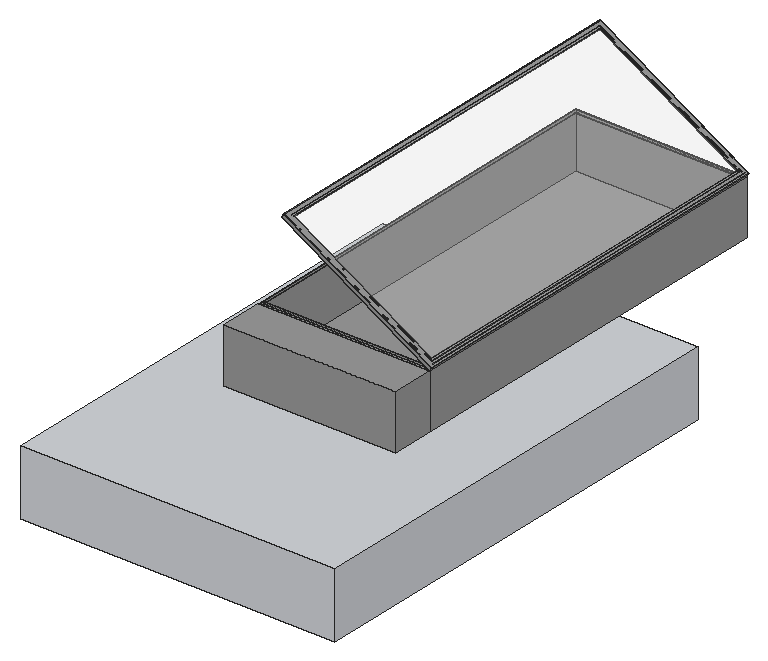
Revit family "Hager-Univers-IP55-D275-H2050-Cl.I-Steel_encl-CH-de", category Equipement électrique, Revit 2020
Family settings
  Hôte = Face
  Configuration du panneau = Deux colonnes, circuits au sein
  Cote de connecteur circulaire = Utiliser le diamètre
  Type d'élément = Tableau de raccordement
  Couper avec des vides une fois chargée = Non
  Partagée = Non
  Point de calcul de pièce = Non
Parameters (values of type "Bodenaufstellung IP55 B800 H2050 T275  - FR23K2")
  Width Control [instance] = if([EF000008 - Breite] > Min Width, [EF000008 - Breite], Min Width)  # 800 mm
  Commentaires du type = [HG000003 - Bereich]  # "Univers"
  Thickness Door [instance] = if([EF009171 - Materialstärke Tür/Deckel] > 3 mm, 3 mm, [EF009171 - Materialstärke Tür/Deckel])  # 1.5 mm
  Seal Frame Offset [instance] = 17 mm  # constant formula
  Plinth Visibility [instance] = [HG000027 - Sockelhöhe] > 0 mm  # yes
  Model = ""
  Min Width [instance] = 100 mm  # constant formula
  Min Height [instance] = 100 mm  # constant formula
  Min Depth [instance] = (2 * [EF009170 - Materialstärke Gehäuse]) + 1 mm  # 4 mm
  Internal Frame Depth [instance] = (Door System Depth * 0.5)  # 9 mm
  Height Control [instance] = if([EF000040 - Höhe] > Min Height, [EF000040 - Höhe], Min Height)  # 2050 mm
  HG000027 - Sockelhöhe = 200 mm
  HG000026 - Stehend auf dem Boden = yes
  HG000024 - Höhe des unteren Teils = 800 mm
  HG000023 - Gehäuse mit doppeltem Querschnitt = no
  HG000016 - 3D-Türsichtbarkeit [instance] = yes
  HG000015 - Sichtbarkeit der Türöffnung [instance] = no
  HG000014 - Tür rechts [instance] = yes
  HG000013 - Tür links [instance] = not([HG000014 - Tür rechts])  # no
  HG000012 - Türschwenkwinkel [instance] = 30.00°
  HG000010 - Asymmetrische Türen = no
  HG000009 - Doppelflügeligen Tür = no
  HG000006 - Unterputz = no
  HG000004 - Herstellerreferenz = "FR23K2"
  HG000003 - Bereich = "Univers"
  HG000002 - Mit tür = yes
  Frame Offset Bottom [instance] = 10 mm  # constant formula
  Frame Offset [instance] = 15 mm  # constant formula
  EF015940 - Deckel mit Überdruckentlastung = no
  EF011959 - Schutzart (NEMA) = ""
  EF009554 - Anzahl der Öffnungen für Flanschplatten = 6
  Fabricant = "Hager"  # constant formula
  EF009212 - Ausführung Deckel = "EV000116 - geschlossen"
  EF009171 - Materialstärke Tür/Deckel = 1.5 mm
  EF009170 - Materialstärke Gehäuse = 1.5 mm
  EF008873 - Nennstrom (In) = 800 A
  EF007800 - Geeignet für Blitzschutz = no
  EF006306 - Mit Schloss = no
  EF006244 - Transparenter Deckel/Tür = yes
  EF005474 - Schutzart (IP) = "EV006420 - IP55"
  EF004464 - Art der Tür = "EV002646 - Einzel"
  EF004427 - Anzahl der Module = 432
  EF004293 - Schlagfestigkeit = "EV008784 - IK10"
  EF003532 - Geeignet für Außengebrauch = no
  EF002950 - Breite in Teilungseinheiten = 24
  EF001613 - Funktionserhalt = "EV000494 - ohne"
  EF001596 - Werkstoff des Gehäuses = "EV000179 - Stahl"
  EF001131 - Innentiefe = 275 mm
  EF001088 - Anbaumöglichkeit = yes
  EF000437 - Anzahl der Leitungseinführungen = 6
  EF000339 - Art der Abdeckung = "EV004216 - Tür"
  EF000266 - Anzahl der Reihen = 12
  EF000218 - Einbautiefe = 0 mm
  EF000118 - Mit Montageplatte = no
  EF000116 - RAL-Nummer = "7035"
  EF000049 - Tiefe = 275 mm
  EF000040 - Höhe = 2050 mm
  EF000008 - Breite = 800 mm
  EF000007 - Farbe = "EV000270 - grau"
  EF000003 - Montageart = "EV012274 - Bodenaufstellung"
  Door System Leaf Tolerance [instance] = 1.5 mm  # constant formula
  Door System Depth [instance] = 18 mm  # constant formula
  Door Height [instance] = Height Control - [HG000027 - Sockelhöhe]  # 1850 mm
  Depth Control [instance] = if([EF000049 - Tiefe] > Min Depth, [EF000049 - Tiefe], Min Depth)  # 275 mm
  Default Elevation = 0 mm
  Connector Offset [instance] = Height Control / 2  # 1025 mm
  Bottom Top Plate Trim [instance] = 1.5 mm  # constant formula
  Plinth height Ctrl [instance] = if([HG000027 - Sockelhöhe] > 0 mm, [HG000027 - Sockelhöhe], 12 mm)  # 200 mm
Types (11, lengths in mm): name | Width Control | HG000010 - Asymmetrische Türen | HG000009 - Doppelflügeligen Tür | HG000004 - Herstellerreferenz | EF009554 - Anzahl der Öffnungen für Flanschplatten | EF006244 - Transparenter Deckel/Tür | EF004464 - Art der Tür | EF004427 - Anzahl der Module | EF000437 - Anzahl der Leitungseinführungen | EF000008 - Breite
  Bodenaufstellung IP55 B1050 H2050 T275  - FR24E2 | 1050 | yes | yes | "FR24E2" | 8 | no | "EV003602 - Doppel" | 576 | 8 | 1050
  Bodenaufstellung IP55 B1050 H2050 T275  - FR24K2 | 1050 | yes | yes | "FR24K2" | 8 | yes | "EV003602 - Doppel" | 576 | 8 | 1050
  Bodenaufstellung IP55 B1300 H2050 T275  - FR25E2 | 1300 | yes | yes | "FR25E2" | 10 | no | "EV003602 - Doppel" | 720 | 10 | 1300
  Bodenaufstellung IP55 B1300 H2050 T275  - FR25K2 | 1300 | yes | yes | "FR25K2" | 10 | yes | "EV003602 - Doppel" | 720 | 10 | 1300
  Bodenaufstellung IP55 B1550 H2050 T275  - FR26E2 | 1550 | yes | yes | "FR26E2" | 12 | no | "EV003602 - Doppel" | 864 | 12 | 1550
  Bodenaufstellung IP55 B1550 H2050 T275  - FR26K2 | 1550 | yes | yes | "FR26K2" | 12 | yes | "EV003602 - Doppel" | 864 | 12 | 1550
  Bodenaufstellung IP55 B300 H2050 T275  - FR21E2 | 300 | no | no | "FR21E2" | 2 | no | "EV002646 - Einzel" | 144 | 2 | 300
  Bodenaufstellung IP55 B550 H2050 T275  - FR22E2 | 550 | no | no | "FR22E2" | 4 | no | "EV002646 - Einzel" | 288 | 4 | 550
  Bodenaufstellung IP55 B550 H2050 T275  - FR22K2 | 550 | no | no | "FR22K2" | 4 | yes | "EV002646 - Einzel" | 288 | 4 | 550
  Bodenaufstellung IP55 B800 H2050 T275  - FR23E2 | 800 | no | no | "FR23E2" | 6 | no | "EV002646 - Einzel" | 432 | 6 | 800
  Bodenaufstellung IP55 B800 H2050 T275  - FR23K2 | 800 | no | no | "FR23K2" | 6 | yes | "EV002646 - Einzel" | 432 | 6 | 800
Reference planes
  plane 1 "Center (Front/Back)": y = 0
  plane 2: z = 0
  plane 3 "Center (Left/Right)": x = 0
  plane 4: z = 275
  plane 5: y = 201.5
  plane 6: y = 1125
  plane 7: y = 200
  plane 8: y = 2050
  plane 9: z = 0
  plane 10: x = -385
  plane 11: x = 385
  plane 12: x = 383.5
  plane 13: x = -383.5
  plane 14: y = 2048.5
  plane 15: x = -383
  plane 16: x = -400
  plane 17: x = 383
  plane 18: x = 400
  plane 19: x = 398.5
  plane 20: x = -398.5
  plane 21: y = 211.5
  plane 22: y = 2050
  plane 23: y = 2033.5
  plane 24: z = 257
  plane 25: z = 1.5
  plane 26: z = 255.5
  plane 27: z = 273.5
Forms (mm)
  Extrusion 1, solid
    sketch origin (0, 0, 0) x (1, 0, 0) y (0, 1, 0)
      loop
        line (-702.964, 1305) -> (-702.964, -811.445) -> (766.763, -811.445) -> (766.763, 1305) -> (-702.964, 1305)
    from 0 to -304.8
  Extrusion 2, solid, material "Hager_Steel_RAL7035_Light_Grey", visible <- "Plinth Visibility", detail levels medium+fine
    sketch origin (0, 0, 0) x (1, 0, 0) y (0, 1, 0)
      loop
        line (-400, 0) -> (400, 0) -> (400, 200) -> (-400, 200) -> (-400, 0)
    from 0 to 257
  Extrusion 3, solid, material "Hager_Steel_RAL7035_Light_Grey", detail levels medium+fine
    sketch origin (0, 0, 0) x (1, 0, 0) y (0, 1, 0)
      loop
        line (-400, 200) -> (400, 200) -> (400, 2050) -> (-400, 2050) -> (-400, 200)
    from 0 to 257
  Extrusion 4, void
    sketch origin (0, 0, 0) x (1, 0, 0) y (0, 1, 0)
      loop
        line (-398.5, 201.5) -> (398.5, 201.5) -> (398.5, 2048.5) -> (-398.5, 2048.5) -> (-398.5, 201.5)
    from 1.5 to 255.5
  Extrusion 5, void
    sketch origin (-381.607, -4572, 257) x (0, -1, 0) y (-1, 0, 0)
      loop
        line (-4783.5, 1.893) -> (-6605.5, 1.893) -> (-6605.5, -765.107) -> (-4783.5, -765.107) -> (-4783.5, 1.893)
    from 0 to 1.5 <- "EF009170 - Materialstärke Gehäuse"
  Extrusion 6, solid, material "Hager_Steel_RAL7035_Light_Grey", detail levels fine
    sketch origin (0, 0, 257) x (1, 0, 0) y (0, 1, 0)
      loop
        line (-383.5, 2033.5) -> (-383.5, 211.5) -> (383.5, 211.5) -> (383.5, 2033.5) -> (-383.5, 2033.5)
      loop
        line (-385, 210) -> (385, 210) -> (385, 2035) -> (-385, 2035) -> (-385, 210)
    from 0 to 9 <- "Internal Frame Depth"
  Extrusion 7, solid, material "Hager_Steel_RAL7035_Light_Grey", detail levels coarse
    sketch origin (0, 0, 0) x (1, 0, 0) y (0, 1, 0)
      loop
        line (-400, 0) -> (400, 0) -> (400, 2050) -> (-400, 2050) -> (-400, 0)
    from 0 to 275
  Sweep 8, void
    path in 3D
      loop
        line (-400, 200, 0) -> (400, 200, 0) -> (400, 200, 257) -> (-400, 200, 257) -> (-400, 200, 0)
    profile origin (-400, 200, 128.5) x (-1, 0, 0) y (0, -1, 0)
      loop
        line (0, 0) -> (0, 1.5) -> (-1.5, 1.5)
        arc (-1.5, 1.5) -> (-1.061, 0.439) -> (0, 0) r 1.5
Cuts and joins
  Extrusion 4, Extrusion 5 cuts Extrusion 3
  Sweep 8 cuts Extrusion 2
Lines and regions (mm)
  Masking region 1
    outline origin (0, 0, 0) x (1, 0, 0) y (0, 0, 1)
      loop
        line (-400, 275) -> (-400, 0) -> (400, 0) -> (400, 275) -> (-400, 275)
  Masking region 2, detail levels medium+fine
    outline origin (0, 140, 0) x (0, 1, 0) y (0, 0, 1)
      loop
        line (60, 0) -> (1910, 0) -> (1910, 257) -> (60, 257) -> (60, 0)
  Masking region 3, not visible, detail levels medium+fine
    outline origin (0, 297.922, 0) x (0, 1, 0) y (0, 0, 1)
      loop
        line (838.578, 0) -> (878.578, 0) -> (878.578, 263.5)
        arc (878.578, 263.5) -> (875.649, 270.571) -> (868.578, 273.5) r 10
        line (868.578, 273.5) -> (838.578, 273.5) -> (838.578, 0)
  Masking region 4, detail levels coarse
    outline origin (0, 0, 180) x (0, 1, 0) y (0, 0, 1)
      loop
        line (0, -180) -> (2050, -180) -> (2050, 95) -> (0, 95) -> (0, -180)
  Masking region 5, visible <- "Plinth Visibility", detail levels medium+fine
    outline origin (0, 52.24, 12.345) x (0, 0, -1) y (0, 1, 0)
      loop
        line (10.845, 147.76) -> (-243.155, 147.76)
        arc (-243.155, 147.76) -> (-243.594, 146.699) -> (-244.655, 146.26) r 1.5
        line (-244.655, 146.26) -> (-244.655, -52.24) -> (12.345, -52.24) -> (12.345, 146.26)
        arc (12.345, 146.26) -> (11.285, 146.699) -> (10.845, 147.76) r 1.5
  Masking region 6, detail levels medium+fine
    outline origin (-381.607, -4572, 257) x (-1, 0, 0) y (0, -1, 0)
      loop
        line (18.393, -6622) -> (18.393, -4772) -> (-781.607, -4772) -> (-781.607, -6622) -> (18.393, -6622)
  Masking region 7, visible <- "Plinth Visibility", detail levels medium+fine
    outline origin (-381.607, -4727, 257) x (-1, 0, 0) y (0, -1, 0)
      loop
        arc (16.893, -4927) -> (17.332, -4925.939) -> (18.393, -4925.5) r 1.5
        line (18.393, -4925.5) -> (18.393, -4727) -> (-781.607, -4727) -> (-781.607, -4925.5)
        arc (-781.607, -4925.5) -> (-780.546, -4925.939) -> (-780.107, -4927) r 1.5
        line (-780.107, -4927) -> (16.893, -4927)
  Masking region 8, detail levels coarse
    outline origin (-442.548, -4669.526, 257) x (-1, 0, 0) y (0, -1, 0)
      loop
        line (-42.548, -6719.526) -> (-42.548, -4669.526) -> (-842.548, -4669.526) -> (-842.548, -6719.526) -> (-42.548, -6719.526)
  sketch lines
    curve 1: line (-400, 200, 257) -> (-400, 200, 0)
    curve 2: line (400, 200, 257) -> (-400, 200, 257)
    curve 3: line (400, 200, 257) -> (400, 200, 0)
    curve 4: line (-400, 200, 0) -> (400, 200, 0)
Dimensions and locks
  "Depth Control": plane 4 to Extrusion 1
  "HG000027 - Sockelhöhe": plane 1 "Center (Front/Back)" to plane 7
  "EF009170 - Materialstärke Gehäuse": plane 5 to plane 7
  locked: connector elem to plane 3 "Center (Left/Right)"
  equal spacing: plane 8, plane 6, plane 7
  locked: connector elem to plane 6
  "EF009170 - Materialstärke Gehäuse": plane 8 to plane 14
  "EF009170 - Materialstärke Gehäuse": plane 10 to plane 13
  "EF009170 - Materialstärke Gehäuse": plane 12 to plane 11
  "Frame Offset": plane 20 to plane 13
  "Frame Offset": plane 12 to plane 19
  "EF009170 - Materialstärke Gehäuse": plane 16 to plane 20
  "EF009170 - Materialstärke Gehäuse": plane 19 to plane 18
  "Seal Frame Offset": plane 16 to plane 15
  "Seal Frame Offset": plane 17 to plane 18
  "Frame Offset Bottom": plane 21 to plane 5
  "Frame Offset": plane 14 to plane 23
  equal spacing: plane 16, plane 3 "Center (Left/Right)", plane 18
  "Width Control": plane 16 to plane 18
  "EF009170 - Materialstärke Gehäuse": plane 4 to plane 27
  "EF009170 - Materialstärke Gehäuse": plane 24 to plane 26
  "EF009170 - Materialstärke Gehäuse": plane 25 to level
  "Door System Depth": plane 4 to plane 24
  "Height Control": plane 1 "Center (Front/Back)" to Extrusion 7 sketch curve
  "Height Control": Masking region 4 sketch curve to plane 1 "Center (Front/Back)"
  "Height Control": plane 1 "Center (Front/Back)" to plane 22
  "Bottom Top Plate Trim": profile plane to Sweep 8 sketch curve
  "Bottom Top Plate Trim": Sweep 8 sketch curve to profile plane
  "Plinth height Ctrl": plane 1 "Center (Front/Back)" to Extrusion 2 sketch curve
  "Plinth height Ctrl": Masking region 5 sketch curve to plane 1 "Center (Front/Back)"
  "Plinth height Ctrl": plane 1 "Center (Front/Back)" to Masking region 7 sketch curve
  "Thickness Door": Extrusion 6 sketch curve to Extrusion 6 sketch curve  (x3)
  "Thickness Door": cut or joined group of Extrusion 3, Extrusion 4, Extrusion 5 to Extrusion 6 sketch curve
  radius of Masking region 3 sketch curve = 10 mm
  "Bottom Top Plate Trim": radius of Masking region 5 sketch curve  (x2)
  "Bottom Top Plate Trim": radius of Sweep 8 sketch curve
  "Bottom Top Plate Trim": radius of Masking region 7 sketch curve  (x2)
  aligned and locked: plane 2 to Extrusion 1
  aligned and locked: level to Extrusion 1
  aligned and locked: level to Masking region 1 sketch curve
  aligned and locked: Masking region 1 sketch curve to plane 18
  aligned and locked: Masking region 1 sketch curve to plane 16
  aligned and locked: plane 7 to Masking region 2 sketch curve
  aligned and locked: level to Masking region 3 sketch curve
  aligned and locked: Masking region 3 sketch curve to plane 27
  aligned and locked: level to Masking region 2 sketch curve
  aligned and locked: plane 1 "Center (Front/Back)" to Extrusion 2 sketch curve
  aligned and locked: Extrusion 3 sketch curve to plane 7
  aligned and locked: plane 16 to Extrusion 3 sketch curve
  aligned and locked: plane 18 to Extrusion 3 sketch curve
  aligned and locked: plane 20 to Extrusion 4 sketch curve
  aligned and locked: plane 19 to Extrusion 4 sketch curve
  aligned and locked: Extrusion 4 sketch curve to plane 5
  aligned and locked: Extrusion 4 to plane 25
  aligned and locked: plane 26 to Extrusion 4
  aligned and locked: plane 24 to Extrusion 3
  aligned and locked: Extrusion 5 sketch curve to plane 21
  aligned and locked: Extrusion 5 sketch curve to plane 13
  aligned and locked: Extrusion 5 sketch curve to plane 12
  aligned and locked: plane 18 to Extrusion 7 sketch curve
  aligned and locked: plane 1 "Center (Front/Back)" to Extrusion 7 sketch curve
  aligned and locked: plane 16 to Extrusion 7 sketch curve
  aligned and locked: plane 4 to Extrusion 7
  aligned and locked: Extrusion 7 to level
  aligned and locked: level to Masking region 4 sketch curve
  aligned and locked: Masking region 4 sketch curve to plane 1 "Center (Front/Back)"
  aligned and locked: Masking region 4 sketch curve to plane 4
  aligned and locked: nested 1 to level
  aligned and locked: nested 1 to plane 16
  aligned and locked: plane 8 to Extrusion 3 sketch curve
  aligned and locked: plane 23 to Extrusion 5 sketch curve
  aligned and locked: plane 14 to Extrusion 4 sketch curve
  aligned and locked: Masking region 2 sketch curve to plane 8
  aligned and locked: level to Masking region 5 sketch curve
  aligned and locked: plane 16 to Extrusion 2 sketch curve
  aligned and locked: plane 18 to Extrusion 2 sketch curve
  aligned and locked: Masking region 5 sketch curve to plane 24
  aligned and locked: Masking region 2 sketch curve to plane 24
  aligned and locked: plane 24 to Extrusion 2
  aligned and locked: profile plane to Sweep 8 sketch curve  (x2)
  aligned and locked: Masking region 6 sketch curve to plane 18
  aligned and locked: Masking region 6 sketch curve to plane 22
  aligned and locked: Masking region 6 sketch curve to plane 16
  aligned and locked: plane 8 to plane 22
  aligned and locked: Masking region 6 sketch curve to plane 7
  aligned and locked: Masking region 7 sketch curve to plane 16
  aligned and locked: Masking region 7 sketch curve to plane 1 "Center (Front/Back)"
  aligned and locked: Masking region 7 sketch curve to plane 18
  aligned and locked: Masking region 8 sketch curve to plane 1 "Center (Front/Back)"
  aligned and locked: Masking region 8 sketch curve to plane 18
  aligned and locked: Masking region 8 sketch curve to plane 22
  aligned and locked: Masking region 8 sketch curve to plane 16
  aligned and locked: nested 2 to plane 7
  aligned and locked: plane 3 "Center (Left/Right)" to nested 2
  aligned and locked: nested 2 to plane 24
  aligned and locked: Extrusion 6 sketch curve to cut or joined group of Extrusion 3, Extrusion 4, Extrusion 5  (x4)
Automatic sketch dimensions
  Extrusion 1 sketch curve to Extrusion 1 sketch curve = 1469.727 mm
  Extrusion 1 sketch curve to Extrusion 1 sketch curve = 2116.445 mm
  Masking region 1 sketch curve to plane 4 = 0 mm
  plane 6 to Masking region 3 sketch curve = 11.5 mm
  Masking region 3 sketch curve to Masking region 3 sketch curve = 30 mm
  Masking region 5 sketch curve to plane 1 "Center (Front/Back)" = 0 mm
Nested families
  nested 1: "Hager_Enclosure_Symbol" at (-400, 0, 0) x (1, 0, 0) z (0, -1, 0), Height <- "Depth Control", Width <- "Width Control", type "Hager_Enclosure_Symbol"
    with Width_Ctrl 800 mm, Width 800 mm, Height_Ctrl 275 mm, Height 275 mm, A_Width_Int 18.047 mm, A_Width 216.562 mm, A_Height_Ctrl 240.625 mm, A_Height 240.625 mm
  nested 2: "EC000058_Univers_Door" at (0, 200, 257) x (1, 0, 0) z (0, 1, 0), Leaf_Tolerance <- "Door System Leaf Tolerance", Angle <- "HG000012 - Türschwenkwinkel", Door_Depth <- "Door System Depth", Door_Left <- "HG000013 - Tür links", Transparent <- "EF006244 - Transparenter Deckel/Tür", Assymetrical <- "HG000010 - Asymmetrische Türen", Width <- "Width Control", Clearance <- "HG000015 - Sichtbarkeit der Türöffnung", Double <- "HG000009 - Doppelflügeligen Tür", 3d_Door <- "HG000016 - 3D-Türsichtbarkeit", Lock_Visibility <- "EF006306 - Mit Schloss", Width_Ctrl <- "Width Control", Door_Right <- "HG000014 - Tür rechts", Door <- "HG000002 - Mit tür", Height <- "Door Height", Thickness <- "Thickness Door", type "EC000058_Univers_Door", detail levels medium+fine
    with min_wh 4 mm, Width_Ctrl 800 mm, Width 800 mm, Transparent yes, Thickness 1.5 mm, Seal_Material Hager_Rubber, Lock_Visibility no, Lock_Material Hager_Plastic_RAL9005_Jet_Black, Leaf_Width 800 mm, Leaf_Tolerance_External_Sides 0 mm, Leaf_Tolerance 1.5 mm, Leaf_Offset 0 mm, Leaf_Height 1847 mm, Leaf_2_Width 800 mm, Leaf_2_Offset 400 mm, Leaf_1_Width 800 mm, Leaf_1_Offset 400 mm, Height_Ctrl 1850 mm, Height 1850 mm, Glass_Material Hager_Glass, Double_Clearance_Ctrl no, Double no, Door_Right_Ctrl yes, Door_Right yes, Door_Material Hager_Steel_RAL7035_Light_Grey, Door_Left_Ctrl no, Door_Left no, Door_Depth 18 mm, Door yes, Clearance_Material Hager_Clearance, Clearance_Depth 800 mm, Clearance_Ctrl no, Clearance no, Assymetrical no, Angle 30.00°, 3d_Door yes
Connectors
  electrical at (0, 1125, 0)
    settings: on plane 9, index 1, voltage 0 V, apparent load 0 VA, apparent load phase1 0 VA, apparent load phase2 0 VA, apparent load phase3 0 VA, power factor 1, load classification "Other", number of poles 1, system type 30, power factor state 1, is connector primary yes, connector utility no, sub classification motor no, connector description ""
Definition of nested family "EC000058_Univers_Door"
  Parameters (values of type "EC000058_Univers_Door")
    min_wh [instance] = (2 * Thickness) + 1 mm  # 11 mm
    Width_Ctrl [instance] = 400 mm
    Width [instance] = 500 mm
    Transparent [instance] = yes
    Thickness [instance] = 5 mm
    Seal_Material [instance] = none
    Lock_Visibility [instance] = yes
    Lock_Material [instance] = none
    Leaf_Width [instance] = if((Width_Ctrl - 2 * Leaf_Tolerance_External_Sides) > 0 mm, (Width_Ctrl - 2 * Leaf_Tolerance_External_Sides), min_wh)  # 400 mm
    Leaf_Tolerance_External_Sides [instance] = 0 mm  # constant formula
    Leaf_Tolerance [instance] = 1.5 mm
    Leaf_Offset [instance] = 0 mm  # constant formula
    Leaf_Height [instance] = if((Height_Ctrl - 2 * Leaf_Tolerance) > 0 mm, (Height_Ctrl - 2 * Leaf_Tolerance), min_wh)  # 497 mm
    Leaf_2_Width [instance] = if(and(and(Double, Assymetrical), Door_Left), (Leaf_Width / 3) - (Leaf_Tolerance / 2), if(and(and(Double, Assymetrical), Door_Right), (Leaf_Width / 3) * 2 - (Leaf_Tolerance / 2), if(and(Double, not(Assymetrical)), (Leaf_Width / 2) - Leaf_Tolerance, Leaf_Width)))  # 400 mm
    Leaf_2_Offset [instance] = if(and(Double, Assymetrical), Leaf_2_Width / 2, if(and(Double, not(Assymetrical)), Leaf_Width / 4, Leaf_Width / 2))  # 200 mm
    Leaf_1_Width [instance] = if(and(and(Double, Assymetrical), Door_Right), (Leaf_Width / 3) - (Leaf_Tolerance / 2), if(and(and(Double, Assymetrical), Door_Left), (Width / 3) * 2 - (Leaf_Tolerance / 2), if(and(Double, not(Assymetrical)), (Leaf_Width / 2) - Leaf_Tolerance, Leaf_Width)))  # 400 mm
    Leaf_1_Offset [instance] = if(and(Double, Assymetrical), Leaf_1_Width / 2, if(and(Double, not(Assymetrical)), Leaf_Width / 4, Leaf_Width / 2))  # 200 mm
    Height_Ctrl [instance] = if(Height > min_wh, Height, min_wh)  # 500 mm
    Height [instance] = 500 mm
    Glass_Material [instance] = none
    Double_Clearance_Ctrl [instance] = and(Double, Clearance)  # no
    Double [instance] = no
    Door_Right_Ctrl [instance] = and(or(Door_Right, Double), Door)  # yes
    Door_Right [instance] = yes
    Door_Material [instance] = none
    Door_Left_Ctrl [instance] = and(or(Door_Left, Double), Door)  # no
    Door_Left [instance] = no
    Door_Depth [instance] = 30 mm
    Door [instance] = yes
    Default Elevation = 1219.2 mm
    Clearance_Material [instance] = none
    Clearance_Depth [instance] = if(Leaf_1_Width > Leaf_2_Width, Leaf_1_Width, Leaf_2_Width)  # 400 mm
    Clearance_Ctrl [instance] = and(not(Double), Clearance)  # yes
    Clearance [instance] = yes
    Assymetrical [instance] = yes
    Angle [instance] = 30.00°
    3d_Door [instance] = yes
  Reference planes
    plane 1 "Center (Front/Back)": y = 0
    plane 2 "Bottom": z = 0
    plane 3 "Center (Left/Right)": x = 0
    plane 4: z = 500
    plane 5: x = -200
    plane 6: x = 200
    plane 7: z = 500
    plane 8: x = -200
    plane 9: z = 0
    plane 10: x = 200
    plane 11: y = 0
    plane 12: z = 1.5
    plane 13: x = -600
    plane 14: y = -400
    plane 15: x = 600
    plane 16: x = 0
    plane 17: x = 0
    plane 18: x = -200
    plane 19: x = 200
    plane 20: z = 498.5
  Forms (mm)
    Extrusion 1, solid, material <- "Clearance_Material", visible <- "Double_Clearance_Ctrl"
      sketch origin (1200, 0, 0) x (1, 0, 0) y (0, 0, -1)
        loop
          line (-1800, -498.5) -> (-600, -498.5) -> (-600, 0) -> (-1800, 0) -> (-1800, -498.5)
      from 0 to -400
  Dimensions and locks
    equal spacing: plane 5, plane 3 "Center (Left/Right)", plane 6
    "Width_Ctrl": plane 5 to plane 6
    "Leaf_Offset": plane 5 to plane 8
    "Leaf_Offset": plane 6 to plane 10
    "Leaf_Offset": plane 9 to level
    "Leaf_Offset": plane 4 to plane 7
    "Height_Ctrl": plane 4 to level
    "Leaf_Tolerance": plane 12 to plane 9
    locked: plane 11 to plane 1 "Center (Front/Back)"
    "Leaf_1_Offset": plane 18 to plane 16
    "Leaf_2_Offset": plane 17 to plane 19
    "Leaf_1_Width": plane 13 to plane 8
    "Leaf_2_Width": plane 10 to plane 15
    "Clearance_Depth": plane 14 to plane 1 "Center (Front/Back)"
    "Leaf_Tolerance_External_Sides": plane 8 to plane 18
    "Leaf_Tolerance_External_Sides": plane 19 to plane 10
    "Leaf_Tolerance": plane 7 to plane 20
    aligned and locked: level to plane 2 "Bottom"
    aligned and locked: nested 1 to plane 16
    aligned and locked: nested 2 to plane 17
    aligned and locked: Extrusion 1 to plane 13
    aligned and locked: plane 15 to Extrusion 1
    aligned and locked: Extrusion 1 to plane 14
    aligned and locked: plane 12 to nested 1
    aligned and locked: nested 2 to plane 12
    aligned and locked: Extrusion 1 to plane 11
    aligned and locked: plane 20 to Extrusion 1
    aligned and locked: nested 2 to plane 11
    aligned and locked: nested 1 to plane 11
  Automatic sketch dimensions
    Extrusion 1 sketch curve to level = 0 mm
    plane 5 to Extrusion 1 sketch curve = 400 mm
    plane 6 to Extrusion 1 sketch curve = 400 mm
    Extrusion 1 sketch curve to plane 4 = 1.5 mm
  Nested families
    nested 1: "EC000058_Univers_Door_Leaf" at (0, 0, 1.5), Width <- "Leaf_1_Width", visible <- "Door_Left_Ctrl", Leaf_Height <- "Leaf_Height", Angle <- "Angle", 3d_Door <- "3d_Door", Transparent <- "Transparent", Clearance Material <- "Clearance_Material", Clearance <- "Clearance_Ctrl", Door_Material <- "Door_Material", Glass_Material <- "Glass_Material", Door_Depth <- "Door_Depth", Lock_Material <- "Lock_Material", Seal_Material <- "Seal_Material", Lock_Visibility <- "Lock_Visibility", Thickness <- "Thickness", type "EC000058_Univers_Door_Leaf"
      with Width 400 mm, Transparent_Glass_Offset 30 mm, Transparent_Ctrl yes, Transparent yes, Thickness 5 mm, Standard no, Seal_Material none, Seal_D2 8 mm, Seal_D1 1 mm, Offset_Internal_Frame 10 mm, Lock_Width 20 mm, Lock_Visibility_3d yes, Lock_Visibility yes, Lock_Thickness_3 3 mm, Lock_Thickness_2 1 mm, Lock_Thickness_1 3 mm, Lock_Radius_Offset_2 16 mm, Lock_Radius_Offset_1 15 mm, Lock_Radius_2 5 mm, Lock_Radius 6 mm, Lock_Offset 5 mm, Lock_Material none, Lock_Height 80 mm, Lock_Cover_Top_Offset_2d 17 mm, Lock_Cover_Height -65 mm, Leaf_Height 497 mm, Internal_Seal_Thickness 8 mm, Internal_Seal_Depth_2 4.5 mm, Internal_Frame_Depth 25 mm, Glass_Thickness -1 mm, Glass_Offset -2 mm, Glass_Material none, Door_Material none, Door_Depth 30 mm, Clearance Material none, Clearance yes, Angle_Ctrl 30.00°, Angle 30.00°, 3d_Door yes
    nested 2: "EC000058_Univers_Door_Leaf" at (0, 0, 1.5) x (-1, 0, 0) z (0, 0, 1), Width <- "Leaf_2_Width", visible <- "Door_Right_Ctrl", Leaf_Height <- "Leaf_Height", Angle <- "Angle", 3d_Door <- "3d_Door", Transparent <- "Transparent", Clearance Material <- "Clearance_Material", Clearance <- "Clearance_Ctrl", Door_Material <- "Door_Material", Glass_Material <- "Glass_Material", Door_Depth <- "Door_Depth", Lock_Material <- "Lock_Material", Seal_Material <- "Seal_Material", Lock_Visibility <- "Lock_Visibility", Thickness <- "Thickness", type "EC000058_Univers_Door_Leaf"
      with Width 400 mm, Transparent_Glass_Offset 30 mm, Transparent_Ctrl yes, Transparent yes, Thickness 5 mm, Standard no, Seal_Material none, Seal_D2 8 mm, Seal_D1 1 mm, Offset_Internal_Frame 10 mm, Lock_Width 20 mm, Lock_Visibility_3d yes, Lock_Visibility yes, Lock_Thickness_3 3 mm, Lock_Thickness_2 1 mm, Lock_Thickness_1 3 mm, Lock_Radius_Offset_2 16 mm, Lock_Radius_Offset_1 15 mm, Lock_Radius_2 5 mm, Lock_Radius 6 mm, Lock_Offset 5 mm, Lock_Material none, Lock_Height 80 mm, Lock_Cover_Top_Offset_2d 17 mm, Lock_Cover_Height -65 mm, Leaf_Height 497 mm, Internal_Seal_Thickness 8 mm, Internal_Seal_Depth_2 4.5 mm, Internal_Frame_Depth 25 mm, Glass_Thickness -1 mm, Glass_Offset -2 mm, Glass_Material none, Door_Material none, Door_Depth 30 mm, Clearance Material none, Clearance yes, Angle_Ctrl 30.00°, Angle 30.00°, 3d_Door yes
  Definition of nested family "EC000058_Univers_Door_Leaf"
    Parameters (values of type "EC000058_Univers_Door_Leaf")
      Width [instance] = 2000 mm
      Transparent_Glass_Offset [instance] = 30 mm
      Transparent_Ctrl [instance] = and(Transparent, [3d_Door])  # yes
      Transparent [instance] = yes
      Thickness [instance] = 5 mm
      Standard [instance] = and(not(Transparent), [3d_Door])  # no
      Seal_Material [instance] = none
      Seal_D2 [instance] = 8 mm  # constant formula
      Seal_D1 [instance] = 1 mm  # constant formula
      Offset_Internal_Frame [instance] = 10 mm  # constant formula
      Lock_Width [instance] = 20 mm  # constant formula
      Lock_Visibility_3d [instance] = and(Lock_Visibility, [3d_Door])  # yes
      Lock_Visibility [instance] = yes
      Lock_Thickness_3 [instance] = 3 mm  # constant formula
      Lock_Thickness_2 [instance] = 1 mm  # constant formula
      Lock_Thickness_1 [instance] = 3 mm  # constant formula
      Lock_Radius_Offset_2 [instance] = Lock_Radius_Offset_1 + 1 mm  # 16 mm
      Lock_Radius_Offset_1 [instance] = 15 mm  # constant formula
      Lock_Radius_2 [instance] = Lock_Radius - 1 mm  # 5 mm
      Lock_Radius [instance] = 6 mm  # constant formula
      Lock_Offset [instance] = 5 mm  # constant formula
      Lock_Material [instance] = none
      Lock_Height [instance] = 80 mm  # constant formula
      Lock_Cover_Top_Offset_2d [instance] = Lock_Radius_Offset_2 + 1 mm  # 17 mm
      Lock_Cover_Height [instance] = -(Lock_Height - Lock_Radius_Offset_1)  # -65 mm
      Leaf_Height [instance] = 2720.336 mm
      Internal_Seal_Thickness [instance] = 8 mm  # constant formula
      Internal_Seal_Depth_2 [instance] = 4.5 mm  # constant formula
      Internal_Frame_Depth [instance] = if(Door_Depth - Thickness > 5 mm, Door_Depth - Thickness, 5 mm)  # 25 mm
      Glass_Thickness [instance] = if(Thickness > 15 mm, Glass_Offset + 10 mm, -1 mm)  # -1 mm
      Glass_Offset [instance] = if(Thickness > 15 mm, -(Thickness + 10 mm) / 2, -2 mm)  # -2 mm
      Glass_Material [instance] = none
      Door_Material [instance] = none
      Door_Depth [instance] = 30 mm
      Default Elevation = 0 mm
      Clearance Material [instance] = none
      Clearance [instance] = yes
      Angle_Ctrl [instance] = if(Angle > 180.00°, 180.00°, Angle)  # 90.00°
      Angle [instance] = 90.00°
      3d_Door [instance] = yes
    Reference planes
      plane 1 "Center (Front/Back)": y = 0
      plane 2: z = 0
      plane 3 "Center (Left/Right)": x = 0
      plane 4: y = 2000
      plane 5: x = -1000
      plane 6: x = 1000
      plane 7: x = -3000
      plane 8: z = 2720.336
      plane 9: z = 30
      plane 10: z = 2690.336
      plane 11: x = 970
      plane 12: x = -970
      plane 13: y = -3
      plane 14: z = 107.833
      plane 15: y = -5
      plane 16: y = -223.314
      plane 17: x = -1000
      plane 18: z = 1360.168
      plane 19: y = 30
    Forms (mm)
      Extrusion 1, solid, material <- "Clearance Material", visible <- "Clearance"
        sketch origin (0, 0, 0) x (1, 0, 0) y (0, 0, 1)
          loop
            line (-3000, 2720.336) -> (-3000, 0) -> (1000, 0) -> (1000, 2720.336) -> (-3000, 2720.336)
        from 0 to -2000
      Extrusion 2, solid, material <- "Door_Material", visible <- "Standard", detail levels medium+fine
        sketch origin (-1000, 0, 0) x (0, 1, 0) y (-1, 0, 0)
          loop
            line (0, 30) -> (0, 25) -> (2000, 25) -> (2000, 30) -> (0, 30)
        from 0 to 2720.336 <- "Leaf_Height"
      Extrusion 3, solid, material <- "Door_Material", visible <- "Transparent_Ctrl", detail levels medium+fine
        sketch origin (-1000, 0, 0) x (0, 1, 0) y (-1, 0, 0)
          loop
            line (0, 25) -> (2000, 25) -> (2000, 30) -> (0, 30) -> (0, 25)
        from 0 to 2720.336 <- "Leaf_Height"
      Extrusion 4, void
        sketch origin (-1025, 2000, 0) x (0, 1, 0) y (0, 0, -1)
          loop
            line (-30, -2690.336) -> (-30, -30) -> (-1970, -30) -> (-1970, -2690.336) -> (-30, -2690.336)
        from 0 to 5 <- "Thickness"
      Sweep 5, solid, material <- "Seal_Material", visible <- "Transparent_Ctrl", detail levels fine
        path in 3D
          loop
            line (-1025, 30, 30) -> (-1025, 30, 2690.336) -> (-1025, 1970, 2690.336) -> (-1025, 1970, 30) -> (-1025, 30, 30)
        profile origin (-1025, 1000, 30) x (1, 0, 0) y (0, 0, 1)
          loop
            line (0, 0) -> (0, -8) -> (1, -8) -> (1, 0) -> (0, 0)
      Extrusion 6, solid, material <- "Glass_Material", visible <- "Transparent_Ctrl", detail levels medium+fine
        sketch origin (-1030, 0, 0) x (0, 1, 0) y (0, 0, -1)
          loop
            line (1970, -2690.336) -> (1970, -30) -> (30, -30) -> (30, -2690.336) -> (1970, -2690.336)
        from -2 <- "Glass_Offset" to -1 <- "Glass_Thickness"
      Extrusion 7, solid, material <- "Door_Material", visible <- "3d_Door", detail levels medium+fine
        sketch origin (-1025, 2000, 0) x (0, -1, 0) y (0, 0, -1)
          loop
            line (0, -2720.336) -> (2000, -2720.336) -> (2000, 0) -> (0, 0) -> (0, -2720.336)
          loop
            line (1995, -5) -> (5, -5) -> (5, -2715.336) -> (1995, -2715.336) -> (1995, -5)
        from 0 to 25 <- "Internal_Frame_Depth"
      Sweep 8, solid, material <- "Seal_Material", visible <- "Transparent_Ctrl", detail levels fine
        path in 3D
          loop
            line (-1025, 0, 0) -> (-1025, 2000, 0) -> (-1025, 2000, 2720.336) -> (-1025, 0, 2720.336) -> (-1025, 0, 0)
        profile origin (-1025, 0, 1360.168) x (1, 0, 0) y (0, 1, 0)
          loop
            line (0, 10) -> (2.975, 10)
            arc (2.975, 10) -> (4.053, 10.447) -> (4.5, 11.525) r 1.525
            line (4.5, 11.525) -> (4.5, 16.527)
            arc (4.5, 16.527) -> (4.069, 17.569) -> (3.027, 18) r 1.473
            line (3.027, 18) -> (0, 18) -> (0, 10)
      Extrusion 9, solid, material <- "Lock_Material", visible <- "Lock_Visibility_3d", detail levels fine
        sketch origin (-1030, 0, 0) x (0, 1, 0) y (0, 0, -1)
          loop
            arc (1993.5, -1400.168) -> (1994.561, -1399.729) -> (1995, -1398.668) r 1.5
            line (1995, -1398.668) -> (1995, -1320.168) -> (1975, -1320.168) -> (1975, -1398.668)
            arc (1975, -1398.668) -> (1975.439, -1399.729) -> (1976.5, -1400.168) r 1.5
            line (1976.5, -1400.168) -> (1993.5, -1400.168)
        from 3 <- "Lock_Thickness_1" to 0
      Blend 10, solid, material <- "Lock_Material", visible <- "Lock_Visibility_3d", detail levels fine
        base sketch origin (-1033, 0, 0) x (0, 1, 0) y (0, 0, -1)
          loop
            line (1975, -1320.168) -> (1975, -1398.668)
            arc (1975, -1398.668) -> (1975.439, -1399.729) -> (1976.5, -1400.168) r 1.5
            line (1976.5, -1400.168) -> (1993.5, -1400.168)
            arc (1993.5, -1400.168) -> (1994.561, -1399.729) -> (1995, -1398.668) r 1.5
            line (1995, -1398.668) -> (1995, -1320.168) -> (1975, -1320.168)
        top sketch origin (-1033, 0, 0) x (0, 1, 0) y (0, 0, -1)
          loop
            line (1976, -1320.168) -> (1976, -1398.668)
            arc (1976, -1398.668) -> (1976.146, -1399.022) -> (1976.5, -1399.168) r 0.5
            line (1976.5, -1399.168) -> (1993.5, -1399.168)
            arc (1993.5, -1399.168) -> (1993.854, -1399.022) -> (1994, -1398.668) r 0.5
            line (1994, -1398.668) -> (1994, -1320.168) -> (1976, -1320.168)
        from 0 to 1 <- "Lock_Thickness_2"
      Blend 11, solid, material <- "Lock_Material", visible <- "Lock_Visibility_3d", detail levels fine
        base sketch origin (-1034, 0, 0) x (0, 1, 0) y (0, 0, -1)
          loop
            line (1978, -1320.168) -> (1978, -1384.168)
            arc (1978, -1384.168) -> (1985, -1391.168) -> (1992, -1384.168) r 7
            line (1992, -1384.168) -> (1992, -1320.168) -> (1978, -1320.168)
        top sketch origin (-1034, 0, 0) x (0, 1, 0) y (0, 0, -1)
          loop
            line (1991, -1320.168) -> (1979, -1320.168) -> (1979, -1383.168)
            arc (1979, -1383.168) -> (1985, -1389.168) -> (1991, -1383.168) r 6
            line (1991, -1383.168) -> (1991, -1320.168)
        from 0 to 3 <- "Lock_Thickness_3"
      Extrusion 12, solid, material <- "Lock_Material", visible <- "Lock_Visibility_3d", detail levels fine
        sketch origin (-1030, 1975, 1320.168) x (1, 0, 0) y (0, -1, 0)
          loop
            line (-7, -19) -> (-7, -1) -> (0, -1) -> (0, 0) -> (-8, 0) -> (-8, -20) -> (0, -20) -> (0, -19) -> (-7, -19)
        from 0 to -65 <- "Lock_Cover_Height"
      Extrusion 13, void
        sketch origin (-1038, 1995, 1320.168) x (-1, 0, 0) y (0, 0, -1)
          loop
            line (-5, -65) -> (0, -65) -> (-5, -60) -> (-5, -65)
        from 0 to 20 <- "Lock_Width"
      Extrusion 14, void
        sketch origin (-1038, 1975, 1320.168) x (0, -1, 0) y (0, 0, -1)
          loop
            circle (-10, -15.995) r 6
          loop
            circle (-10, -15.995) r 5
        from 0 to 2
      Extrusion 15, solid, material <- "Lock_Material", visible <- "Lock_Visibility_3d", detail levels medium
        sketch origin (-1030, 0, 0) x (0, 1, 0) y (0, 0, -1)
          loop
            arc (1993.5, -1400.168) -> (1994.561, -1399.729) -> (1995, -1398.668) r 1.5
            line (1995, -1398.668) -> (1995, -1320.168) -> (1975, -1320.168) -> (1975, -1398.668)
            arc (1975, -1398.668) -> (1975.439, -1399.729) -> (1976.5, -1400.168) r 1.5
            line (1976.5, -1400.168) -> (1993.5, -1400.168)
        from 8 to 0
    Cuts and joins
      Extrusion 4 cuts Extrusion 3
      Extrusion 13, Extrusion 14 cuts Extrusion 9
      Extrusion 14 cuts Blend 11
      Extrusion 13, Extrusion 14 cuts Extrusion 12
      joined: Extrusion 9, Blend 10, Blend 11, Extrusion 12
      Extrusion 14 cuts Extrusion 15
    Lines and regions (mm)
      Masking region 1, visible <- "Lock_Visibility", detail levels fine
        outline origin (0, 0, 0) x (0, 1, 0) y (0, 0, 1)
          loop
            line (30, 1320.168) -> (33, 1320.168) -> (33, 1400.168) -> (30, 1400.168) -> (30, 1320.168)
      Masking region 2, visible <- "Lock_Visibility", detail levels fine
        outline origin (0, 3.143, 0) x (0, 1, 0) y (0, 0, 1)
          loop
            line (29.857, 1354.168) -> (30.857, 1354.168) -> (30.857, 1366.168) -> (29.857, 1366.168) -> (29.857, 1354.168)
      Masking region 3, detail levels medium+fine
        outline origin (0, 0, 0) x (0, 1, 0) y (0, 0, 1)
          loop
            line (0, 0) -> (30, 0) -> (30, 2720.336) -> (0, 2720.336) -> (0, 0)
      Masking region 4, detail levels medium+fine
        outline origin (0, 0, 0) x (1, 0, 0) y (0, 0, 1)
          loop
            line (-1000, 2720.336) -> (-1000, 0) -> (1000, 0) -> (1000, 2720.336) -> (-1000, 2720.336)
      Masking region 5, visible <- "Lock_Visibility", detail levels fine
        outline origin (-47.116, 0, 0) x (1, 0, 0) y (0, 0, 1)
          loop
            arc (1024.616, 1399.168) -> (1023.556, 1398.729) -> (1023.116, 1397.668) r 1.5
            line (1023.116, 1397.668) -> (1023.116, 1320.168) -> (1041.116, 1320.168) -> (1041.116, 1397.668)
            arc (1041.116, 1397.668) -> (1040.677, 1398.729) -> (1039.616, 1399.168) r 1.5
            line (1039.616, 1399.168) -> (1024.616, 1399.168)
      Masking region 6, visible <- "Lock_Visibility", detail levels medium+fine
        outline origin (-25, 0, 0) x (1, 0, 0) y (0, 0, 1)
          loop
            arc (1001.5, 1400.168) -> (1000.439, 1399.729) -> (1000, 1398.668) r 1.5
            line (1000, 1398.668) -> (1000, 1320.168) -> (1020, 1320.168) -> (1020, 1398.668)
            arc (1020, 1398.668) -> (1019.561, 1399.729) -> (1018.5, 1400.168) r 1.5
            line (1018.5, 1400.168) -> (1001.5, 1400.168)
      Masking region 7, visible <- "Lock_Visibility", detail levels fine
        outline origin (-73.735, 0, 0) x (1, 0, 0) y (0, 0, 1)
          loop
            line (1051.735, 1382.168) -> (1065.735, 1382.168) -> (1065.735, 1384.168)
            arc (1065.735, 1384.168) -> (1058.735, 1391.168) -> (1051.735, 1384.168) r 7
            line (1051.735, 1384.168) -> (1051.735, 1382.168)
      Masking region 8, visible <- "Lock_Visibility", detail levels fine
        outline origin (-73.735, 0, 0) x (1, 0, 0) y (0, 0, 1)
          loop
            line (1052.735, 1382.168) -> (1064.735, 1382.168) -> (1064.735, 1383.168)
            arc (1064.735, 1383.168) -> (1058.735, 1389.168) -> (1052.735, 1383.168) r 6
            line (1052.735, 1383.168) -> (1052.735, 1382.168)
      Masking region 9, visible <- "Lock_Visibility", detail levels fine
        outline origin (-25, 0, 0) x (1, 0, 0) y (0, 0, 1)
          loop
            line (1020, 1320.168) -> (1020, 1382.168) -> (1000, 1382.168) -> (1000, 1320.168) -> (1020, 1320.168)
      Masking region 10, detail levels medium+fine
        outline origin (0, 0, 0) x (1, 0, 0) y (0, 0, 1)
          loop
            circle (985, 1335.144) r 6
      Masking region 11, detail levels fine
        outline origin (0, 0, 0) x (1, 0, 0) y (0, 0, 1)
          loop
            circle (985, 1335.144) r 5
      Masking region 12, visible <- "Lock_Visibility", detail levels fine
        outline origin (0, 12.767, 0) x (0, 1, 0) y (0, 0, 1)
          loop
            line (20.233, 1320.168) -> (21.233, 1320.168) -> (21.233, 1399.168) -> (20.233, 1400.168) -> (20.233, 1320.168)
      Masking region 13, visible <- "Lock_Visibility", detail levels fine
        outline origin (0, 13.767, -10) x (0, 1, 0) y (0, 0, 1)
          loop
            line (20.233, 1330.168) -> (23.233, 1330.168) -> (23.233, 1399.168) -> (20.233, 1402.168) -> (20.233, 1330.168)
      Masking region 14, visible <- "Lock_Visibility", detail levels fine
        outline origin (0, 12.767, -10) x (0, 1, 0) y (0, 0, 1)
          loop
            line (20.233, 1330.168) -> (25.233, 1330.168) -> (25.233, 1399.305) -> (20.233, 1394.305) -> (20.233, 1330.168)
      Masking region 15, visible <- "Lock_Visibility", detail levels medium
        outline origin (0, 0, 0) x (0, 1, 0) y (0, 0, 1)
          loop
            line (30, 1320.168) -> (38, 1320.168) -> (38, 1400.168) -> (30, 1400.168) -> (30, 1320.168)
      Masking region 16, visible <- "Lock_Visibility", detail levels fine
        outline origin (-1000, 0, 0) x (0, 1, 0) y (-1, 0, 0)
          loop
            line (1975, 30) -> (1995, 30) -> (1995, 38) -> (1975, 38) -> (1975, 30)
          loop
            line (1979, 37) -> (1976, 37) -> (1976, 34) -> (1978, 34) -> (1979, 37)
          loop
            line (1994, 37) -> (1991, 37) -> (1992, 34) -> (1994, 34) -> (1994, 37)
      Masking region 17, visible <- "Lock_Visibility", detail levels medium
        outline origin (-1000, 0, 0) x (0, 1, 0) y (-1, 0, 0)
          loop
            line (1975, 30) -> (1995, 30) -> (1995, 38) -> (1975, 38) -> (1975, 30)
      symbolic lines
        curve 1: line (1000, 0, 0) -> (-3000, 0, 0)
        curve 2: arc (1000, 0, 0) -> (-1000, 2000, 0) -> (-3000, 0, 0) r 2000
        curve 4: line (-1030, 0, 0) -> (-1030, 2000, 0)
      reference lines
        curve 3: line (-1000, 0, 0) -> (-1000, 2000, 0)
      symbolic lines, detail levels medium+fine
        curve 5: line (-1030, 2000, 0) -> (-1025, 2000, 0)
        curve 7: line (-1025, 0, 0) -> (-1030, 0, 0)
        curve 8: line (-1025, 0, 0) -> (-1000, 0, 0)
        curve 9: line (-1000, 0, 0) -> (-1000, 2000, 0)
        curve 10: line (-1000, 2000, 0) -> (-1025, 2000, 0)
      symbolic lines, detail levels fine
        curve 6: line (-1025, 2000, 0) -> (-1025, 0, 0)
      sketch lines
        curve 11: line (-1025, 0, 2720.336) -> (-1025, 0, 0)
        curve 12: line (-1025, 2000, 0) -> (-1025, 0, 0)
        curve 13: line (-1025, 2000, 2720.336) -> (-1025, 2000, 0)
        curve 14: line (-1025, 0, 2720.336) -> (-1025, 2000, 2720.336)
        curve 15: line (-1025, 1970, 30) -> (-1025, 30, 30)
        curve 16: line (-1025, 30, 30) -> (-1025, 30, 2690.336)
        curve 17: line (-1025, 1970, 2690.336) -> (-1025, 1970, 30)
        curve 18: line (-1025, 30, 2690.336) -> (-1025, 1970, 2690.336)
      symbolic lines, visible <- "Transparent", detail levels medium+fine
        curve 19: line (-970, 0, 2690.336) -> (970, 0, 2690.336)
        curve 20: line (-970, 0, 30) -> (-970, 0, 2690.336)
        curve 21: line (970, 0, 30) -> (-970, 0, 30)
        curve 22: line (970, 0, 2690.336) -> (970, 0, 30)
    Dimensions and locks
      "Width": plane 1 "Center (Front/Back)" to plane 4
      equal spacing: plane 5, plane 3 "Center (Left/Right)", plane 6
      "Width": plane 5 to plane 6
      "Width": plane 7 to plane 5
      "Leaf_Height": plane 8 to level
      "Width": curve 5 to curve 3
      "Width": curve 3 to curve 3
      plane 8 to plane 10 = 30 mm
      plane 9 to level = 30 mm
      plane 12 to plane 5 = 30 mm
      plane 6 to plane 11 = 30 mm
      Extrusion 1 to Extrusion 4 sketch curve = 30 mm
      "Transparent_Glass_Offset": curve 3 to Extrusion 4 sketch curve
      "Transparent_Glass_Offset": Extrusion 4 sketch curve to cut or joined group of Extrusion 3, Extrusion 4  (x2)
      cut or joined group of Extrusion 3, Extrusion 4 to Extrusion 6 sketch curve = 30 mm
      "Transparent_Glass_Offset": cut or joined group of Extrusion 3, Extrusion 4 to Extrusion 4 sketch curve
      "Thickness": curve 6 to curve 4
      "Thickness": Extrusion 7 sketch curve to Extrusion 7 sketch curve  (x4)
      "Door_Depth": curve 4 to curve 3
      "Offset_Internal_Frame": profile plane to Sweep 8 sketch curve
      "Internal_Seal_Thickness": Sweep 8 sketch curve to Sweep 8 sketch curve
      "Internal_Seal_Depth_2": profile plane to Sweep 8 sketch curve
      "Seal_D1": profile plane to Sweep 5 sketch curve
      "Seal_D2": profile plane to Sweep 5 sketch curve
      "Thickness": Extrusion 2 sketch curve to Extrusion 2 sketch curve
      equal spacing: Extrusion 9 sketch curve, plane 18, Extrusion 9 sketch curve  (x2)
      equal spacing: Masking region 1 sketch curve, plane 18, Masking region 1 sketch curve
      "Lock_Height": Masking region 1 sketch curve to Masking region 1 sketch curve
      "Lock_Radius": Masking region 2 sketch curve to plane 18 to Masking region 2 sketch curve
      Masking region 2 sketch curve to Masking region 1 = 1 mm
      "Door_Depth": plane 19 to plane 1 "Center (Front/Back)"
      "Lock_Thickness_1": Masking region 1 sketch curve to plane 19
      "Lock_Width": Extrusion 9 sketch curve to Extrusion 9 sketch curve
      "Lock_Height": Extrusion 9 sketch curve to Extrusion 9 sketch curve
      "Lock_Offset": cut or joined group of Extrusion 3, Extrusion 4 to Extrusion 9 sketch curve
      equal spacing: plane 8, plane 18, level
      "Lock_Radius_Offset_1": Blend 11 sketch curve to Blend 10
      locked: Blend 10 to Blend 11 sketch curve at 2  (x2)
      locked: var sketch to Blend 11 sketch curve at 1  (x2)
      "Lock_Radius_Offset_2": Blend 11 sketch curve to Blend 10
      locked: Extrusion 12 sketch curve to Extrusion 12 sketch curve at 1  (x3)
      Masking region 6 sketch curve to Masking region 6 sketch curve = 80 mm
      "Lock_Height": Masking region 6 sketch curve to Masking region 6 sketch curve
      "Lock_Width": Masking region 6 sketch curve to Masking region 6 sketch curve
      locked: Masking region 6 to Masking region 5 sketch curve at 1  (x3)
      locked: Masking region 5 to Masking region 7 sketch curve at 2  (x2)
      "Lock_Radius_Offset_1": Masking region 5 to Masking region 7 sketch curve
      "Lock_Radius_Offset_2": Masking region 5 to Masking region 8 sketch curve
      locked: Masking region 7 to Masking region 8 sketch curve at 1  (x2)
      "Lock_Cover_Top_Offset_2d": Masking region 5 to Masking region 9 sketch curve
      equal spacing: Masking region 9, Masking region 10 sketch curve, Masking region 9
      equal spacing: Masking region 9, Masking region 11 sketch curve, Masking region 9
      Extrusion 15 sketch curve to Extrusion 15 sketch curve = 80 mm
      "Lock_Width": Extrusion 15 sketch curve to Extrusion 15 sketch curve
      "Lock_Height": Extrusion 15 sketch curve to Extrusion 15 sketch curve
      equal spacing: Extrusion 15 sketch curve, plane 18, Extrusion 15 sketch curve
      "Lock_Thickness_3": Masking region 13 sketch curve to Masking region 13 sketch curve
      "Lock_Height": Masking region 12 sketch curve to Masking region 12 sketch curve
      locked: Masking region 13 sketch curve to Masking region 1 at 8
      locked: Masking region 14 sketch curve to Masking region 13 at 1
      locked: Masking region 14 sketch curve to Masking region 1 at 10.863
      "Lock_Height": Masking region 15 sketch curve to Masking region 15 sketch curve
      "Lock_Offset": Extrusion 15 sketch curve to cut or joined group of Extrusion 3, Extrusion 4
      "Lock_Offset": plane 6 to Masking region 6 sketch curve
      radius of Sweep 8 sketch curve = 1.525 mm
      radius of Sweep 8 sketch curve = 1.473 mm
      radius of Extrusion 9 sketch curve = 1.5 mm  (x2)
      "Lock_Radius": radius of Extrusion 14 sketch curve
      "Lock_Radius_2": radius of Extrusion 14 sketch curve
      "Lock_Radius": radius of Masking region 10 sketch curve
      "Lock_Radius_2": radius of Masking region 11 sketch curve
      radius of Extrusion 15 sketch curve = 1.5 mm  (x2)
      "Angle_Ctrl": angle plane 1 "Center (Front/Back)" to curve 3
      locked: Masking region 12 sketch curve to Masking region 12 sketch curve (angle 45.00°)
      locked: Masking region 13 sketch curve to Masking region 13 sketch curve (angle 45.00°)
      locked: Masking region 14 sketch curve to Masking region 14 sketch curve (angle 45.00°)
      aligned and locked: level to plane 2
      aligned and locked: Extrusion 1 to curve 1
      aligned and locked: plane 6 to Extrusion 1
      aligned and locked: Extrusion 1 to plane 1 "Center (Front/Back)"
      aligned and locked: plane 4 to Extrusion 1
      aligned and locked: plane 8 to Extrusion 1
      aligned and locked: curve 7 to Extrusion 2 sketch curve
      aligned and locked: curve 5 to Extrusion 2 sketch curve
      aligned and locked: curve 7 to Extrusion 3 sketch curve
      aligned and locked: Extrusion 3 sketch curve to curve 4
      aligned and locked: Extrusion 3 sketch curve to curve 6
      aligned and locked: Extrusion 3 sketch curve to curve 5
      aligned and locked: curve 9 to curve 3
      aligned and locked: Extrusion 7 sketch curve to cut or joined group of Extrusion 3, Extrusion 4  (x4)
      aligned and locked: plane 17 to curve 3
      aligned and locked: plane 1 "Center (Front/Back)" to curve 3
      aligned and locked: plane 17 to plane 5
      aligned and locked: Sweep 8 sketch curve to profile plane
      aligned and locked: Sweep 5 sketch curve to profile plane  (x2)
      aligned and locked: Masking region 1 to Masking region 2 sketch curve
      aligned and locked: plane 19 to Masking region 1 sketch curve
      aligned and locked: plane 1 "Center (Front/Back)" to Masking region 3 sketch curve
      aligned and locked: plane 19 to Masking region 3 sketch curve
      aligned and locked: level to Masking region 3 sketch curve
      aligned and locked: Masking region 3 sketch curve to plane 8
      aligned and locked: plane 17 to Masking region 4 sketch curve
      aligned and locked: level to Masking region 4 sketch curve
      aligned and locked: Masking region 4 sketch curve to plane 8
      aligned and locked: plane 12 to curve 20
      aligned and locked: plane 10 to curve 19
      aligned and locked: plane 11 to curve 22
      aligned and locked: curve 21 to plane 9
      aligned and locked: Extrusion 2 sketch curve to cut or joined group of Extrusion 3, Extrusion 4
      aligned and locked: Blend 10 sketch curve to Extrusion 9  (x4)
      aligned and locked: Extrusion 9 to Blend 10 sketch curve
      aligned and locked: Blend 10 to Blend 11 sketch curve
      aligned and locked: Extrusion 12 sketch curve to Blend 11
      aligned and locked: Extrusion 12 sketch curve to Extrusion 9  (x4)
      aligned and locked: Masking region 5 sketch curve to Masking region 6
      aligned and locked: Masking region 9 sketch curve to Masking region 6  (x3)
      aligned and locked: Masking region 12 sketch curve to Masking region 1
      aligned and locked: Masking region 13 sketch curve to Masking region 1
      aligned and locked: Masking region 12 to Masking region 14
      aligned and locked: Masking region 14 sketch curve to Masking region 1
      aligned and locked: Masking region 15 sketch curve to Masking region 14
      aligned and locked: Masking region 13 sketch curve to Masking region 12
      aligned and locked: Masking region 16 sketch curve to cut or joined group of Extrusion 14, Extrusion 15  (x4)
      aligned and locked: Masking region 16 sketch curve to cut or joined group of Extrusion 9, Blend 10, Blend 11, Extrusion 12, Extrusion 13, Extrusion 14  (x6)
      aligned and locked: cut or joined group of Extrusion 9, Blend 10, Blend 11, Extrusion 12, Extrusion 13, Extrusion 14 to Masking region 16 sketch curve
      aligned and locked: Masking region 17 sketch curve to cut or joined group of Extrusion 14, Extrusion 15  (x3)
      aligned and locked: Masking region 17 sketch curve to cut or joined group of Extrusion 9, Blend 10, Blend 11, Extrusion 12, Extrusion 13, Extrusion 14
      aligned and locked: Masking region 9 to Masking region 8 sketch curve
      aligned and locked: Masking region 9 to Masking region 7 sketch curve
    Automatic sketch dimensions
      plane 1 "Center (Front/Back)" to curve 2 = 0 mm
      curve 2 to plane 5 = 0 mm
      Extrusion 1 sketch curve to level = 0 mm
      Extrusion 1 sketch curve to plane 7 = 0 mm
      Extrusion 1 sketch curve to plane 6 = 0 mm
      Extrusion 1 sketch curve to plane 8 = 0 mm
      Extrusion 3 to Extrusion 6 sketch curve = 30 mm  (x4)
      Masking region 4 sketch curve to plane 6 = 0 mm
      Blend 10 sketch curve to Extrusion 9 = 1.5 mm
      Blend 10 sketch curve to Extrusion 9 = 1 mm
      Extrusion 13 sketch curve to Extrusion 12 = 0 mm  (x2)
      Extrusion 12 to Extrusion 13 sketch curve = 3 mm
      Extrusion 13 sketch curve to Extrusion 12 = 5 mm
      Extrusion 14 sketch curve to Extrusion 14 sketch curve = 0 mm  (x2)
      Extrusion 14 sketch curve to Extrusion 12 = 10 mm
      Extrusion 14 sketch curve to Extrusion 12 = 15.995 mm
      Masking region 5 sketch curve to Masking region 5 sketch curve = 1.5 mm  (x2)
      Masking region 10 sketch curve to plane 18 = 25.024 mm
      Masking region 11 sketch curve to plane 18 = 25.024 mm
      plane 19 to Masking region 14 sketch curve = 3 mm
      Masking region 16 sketch curve to Masking region 16 sketch curve = 3 mm
      curve 4 to curve 3 = 0 mm
      Blend 10 to Blend 11 sketch curve = 0 mm
      Masking region 6 sketch curve to Masking region 6 sketch curve = 1.5 mm  (x2)
      Masking region 6 sketch curve to plane 18 = 40 mm
      plane 19 to Masking region 12 sketch curve = 3 mm
      Masking region 12 sketch curve to Masking region 12 sketch curve = 1 mm
      Masking region 15 sketch curve to plane 19 = 0 mm
      Masking region 15 sketch curve to plane 18 = 40 mm
      radius of Blend 10 sketch curve to Extrusion 9 = 1 mm
Definition of nested family "Hager_Enclosure_Symbol"
  Parameters (values of type "Hager_Enclosure_Symbol")
    Width_Ctrl [instance] = if(Width > 1 mm, Width, 1 mm)  # 102.27 mm
    Width [instance] = 102.27 mm
    Height_Ctrl [instance] = if(Height > 1 mm, Height, 1 mm)  # 66.5 mm
    A_Width_Int [instance] = if(A_Width / 12 > 2 mm, A_Width / 12, 2 mm)  # 4.364 mm
    A_Width [instance] = if(A_Height_Ctrl * 0.9 > 2 mm, A_Height_Ctrl * 0.9, 2 mm)  # 52.369 mm
    A_Height_Ctrl [instance] = if(A_Height > 2 mm, A_Height, 2 mm)  # 58.188 mm
    Height [instance] = 66.5 mm
    A_Height [instance] = Height - (Height / 8)  # 58.188 mm
  Reference planes
    plane 1 "Centre (avant/arrière)": y = 0
    plane 2: z = 0
    plane 3 "Centre (gauche/droite)": x = 0
    plane 4: x = 52.369
    plane 5: y = 33.042
    plane 6: y = 41.77
    plane 7: y = 66.5
    plane 8: x = 26.184
    plane 9: y = 37.406
    plane 10: x = 102.27
    plane 11: y = 66.5
    plane 12: y = 8.313
  Lines and regions (mm)
    Filled region 1, type "Solid_Black", in view "Niveau de réf."
      outline origin (0, 0, 0) x (1, 0, 0) y (0, 1, 0)
        loop
          line (52.369, 66.5) -> (33.188, 54.536) -> (45.365, 45.006) -> (52.369, 66.5)
    Filled region 2, type "Solid_Black", in view "Niveau de réf."
      outline origin (0, 0, 0) x (1, 0, 0) y (0, 1, 0)
        loop
          line (0, 0) -> (102.27, 0) -> (102.27, 66.5) -> (0, 0)
    detail lines, in view "Niveau de réf."
      curve 1: line (0, 8.313, 0) -> (26.184, 41.77, 0)
      curve 2: line (26.184, 41.77, 0) -> (26.184, 33.042, 0)
      curve 3: line (26.184, 33.042, 0) -> (52.369, 66.5, 0)
  Dimensions and locks
    "A_Width": plane 3 "Centre (gauche/droite)" to plane 4
    equal spacing: plane 3 "Centre (gauche/droite)", plane 8, plane 4
    equal spacing: plane 6, plane 9, plane 5
    equal spacing: curve 3, Filled region 1 sketch curve, Filled region 1 sketch curve
    "Height_Ctrl": plane 1 "Centre (avant/arrière)" to plane 11
    "A_Height_Ctrl": plane 11 to plane 12
    equal spacing: plane 11, plane 9, plane 12
    "A_Width_Int": plane 6 to plane 9
    "Width_Ctrl": plane 3 "Centre (gauche/droite)" to plane 10
    angle Filled region 1 sketch curve to curve 3 = 20.00°
    angle curve 3 to Filled region 1 sketch curve = 20.00°
    locked: curve 3 to Filled region 1 sketch curve (angle 90.00°)
    aligned and locked: plane 10 to Filled region 2
    aligned and locked: plane 11 to Filled region 2 sketch curve
    aligned and locked: plane 10 to Filled region 2 sketch curve
    aligned and locked: plane 3 "Centre (gauche/droite)" to curve 1
    aligned and locked: plane 12 to curve 1
    aligned and locked: plane 7 to plane 11
  Automatic sketch dimensions
    Filled region 1 sketch curve to plane 4 = 0 mm
    Filled region 1 sketch curve to plane 7 = 0 mm
    plane 1 "Centre (avant/arrière)" to Filled region 2 sketch curve = 0 mm
    Filled region 2 sketch curve to plane 3 "Centre (gauche/droite)" = 0 mm
    curve 2 to plane 6 = 0 mm
    curve 2 to plane 8 = 0 mm
    curve 3 to plane 4 = 0 mm
    curve 2 to plane 5 = 0 mm
    curve 3 to plane 7 = 0 mm
